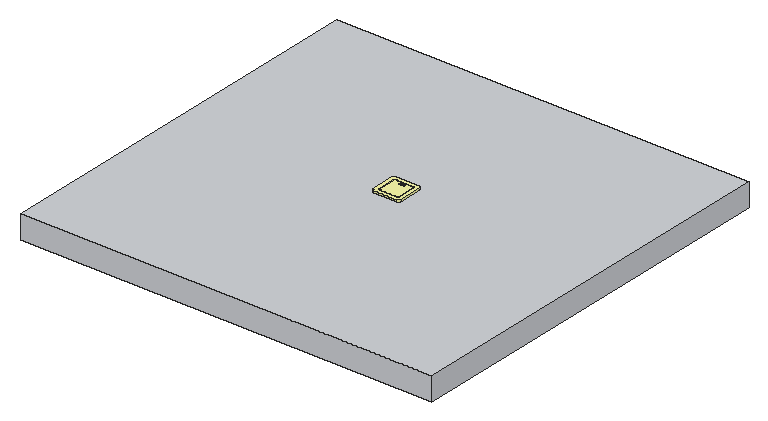
Revit family "ES_Radio Control Dimmer Switch", category Lighting Devices, host Face, Revit 2013
Parameters (values of type "1 Gang")
  Switch Voltage = 230 V
  Load Classification = Other
  Label = ""
  Default Elevation = 1200 mm
  Button = Button
  Assembly Code = ""
  Apparent Load = 0 VA
Reference planes
  plane 1 "Center (Front/Back)": y = 0
  plane 2: z = 0
  plane 3 "Center (Left/Right)": x = 0
  plane 4 "level above": z = 6
  plane 5 "level below": z = -53.975
  plane 6: x = -43
  plane 7: x = 43
  plane 8: y = 43
  plane 9: y = -43
  plane 10: y = 32
  plane 11: y = -32
  plane 12: x = -32
  plane 13: x = 32
  plane 14: x = -8
  plane 15: x = 8
  plane 16: y = 28
  plane 17: y = 20
Forms (mm)
  Extrusion 1, solid
    sketch origin (0, 0, 0) x (1, 0, 0) y (0, 1, 0)
      loop
        line (-644.525, 571.5) -> (-644.525, -666.75) -> (644.525, -666.75) -> (644.525, 571.5) -> (-644.525, 571.5)
    from 0 to -72.672
  Extrusion 2, solid, material "Face Plate"
    sketch origin (0, 0, 0) x (1, 0, 0) y (0, 1, 0)
      loop
        line (-37, -43) -> (37, -43)
        arc (37, -43) -> (41.243, -41.243) -> (43, -37) r 6
        line (43, -37) -> (43, 37)
        arc (43, 37) -> (41.243, 41.243) -> (37, 43) r 6
        line (37, 43) -> (-37, 43)
        arc (-37, 43) -> (-41.243, 41.243) -> (-43, 37) r 6
        line (-43, 37) -> (-43, -37)
        arc (-43, -37) -> (-41.243, -41.243) -> (-37, -43) r 6
    from 0 to 6
  Extrusion 3, void
    sketch origin (0, 0, 0) x (1, 0, 0) y (0, 1, 0)
      loop
        line (-27, -32) -> (27, -32)
        arc (27, -32) -> (30.536, -30.536) -> (32, -27) r 5
        line (32, -27) -> (32, 27)
        arc (32, 27) -> (30.536, 30.536) -> (27, 32) r 5
        line (27, 32) -> (-27, 32)
        arc (-27, 32) -> (-30.536, 30.536) -> (-32, 27) r 5
        line (-32, 27) -> (-32, -27)
        arc (-32, -27) -> (-30.536, -30.536) -> (-27, -32) r 5
      loop
        line (-27, -31) -> (27, -31)
        arc (27, -31) -> (29.828, -29.828) -> (31, -27) r 4
        line (31, -27) -> (31, 27)
        arc (31, 27) -> (29.828, 29.828) -> (27, 31) r 4
        line (27, 31) -> (-27, 31)
        arc (-27, 31) -> (-29.828, 29.828) -> (-31, 27) r 4
        line (-31, 27) -> (-31, -27)
        arc (-31, -27) -> (-29.828, -29.828) -> (-27, -31) r 4
    from 5 to 6
  Extrusion 4, void
    sketch origin (0, 0, 0) x (1, 0, 0) y (0, 1, 0)
      loop
        line (-8, 20) -> (8, 20) -> (8, 28) -> (-8, 28) -> (-8, 20)
    from 4 to 6
  Extrusion 5, solid, material "Button" <- "Button"
    sketch origin (0, 0, 0) x (1, 0, 0) y (0, 1, 0)
      loop
        line (-7, 21) -> (7, 21) -> (7, 27) -> (-7, 27) -> (-7, 21)
    from 4 to 6
Cuts and joins
  Extrusion 3, Extrusion 4 cuts Extrusion 2
Lines and regions (mm)
  symbolic lines, detail levels fine
    curve 1: line (19.05, 0, -53.975) -> (-19.41, 0, -53.975)
    curve 2: line (19.05, 0, 0) -> (19.05, 0, -53.975)
    curve 3: line (-19.41, 0, -53.975) -> (-19.41, 0, 0)
Dimensions and locks
  plane 4 "level above" to level = 6 mm
  locked: level to plane 5 "level below" at 53.975
  plane 6 to plane 3 "Center (Left/Right)" to plane 7 = 43 mm, 43 mm
  plane 6 to plane 7 = 86 mm
  plane 1 "Center (Front/Back)" to plane 9 = 43 mm
  plane 1 "Center (Front/Back)" to plane 8 = 43 mm
  plane 12 to plane 3 "Center (Left/Right)" to plane 13 = 32 mm, 32 mm
  plane 10 to plane 1 "Center (Front/Back)" to plane 11 = 32 mm, 32 mm
  plane 12 to plane 13 = 64 mm
  plane 10 to plane 11 = 64 mm
  aligned and locked: plane 2 to Extrusion 1
  aligned and locked: level to Extrusion 1
  aligned and locked: plane 4 "level above" to Extrusion 2
Nested families
  nested 1: "SW_RCDS" at (0, 0, 0), type "SW_RCDS"
Connectors
  electrical at (0, -47.625, -72.672)
    settings: on Extrusion 1, index 1, voltage 0 V, apparent load 0 VA, apparent load phase1 0 VA, apparent load phase2 0 VA, apparent load phase3 0 VA, power factor 1, load classification "Other", number of poles 1, system type 31, power factor state 1, is connector primary yes, connector utility no, sub classification motor no, connector description ""
Definition of nested family "SW_RCDS"
  Reference planes
    plane 1: y = 0
    plane 2: x = 0
  Lines and regions (mm)
    Filled region 1, type "Filled region 1"
      outline origin (0, 0, 0) x (1, 0, 0) y (0, 1, 0)
        loop
          circle (0, 0.837) r 0.85
    detail lines, style "Switch Symbols"
      curve 1: line (0, 0.837, 0) -> (3.157, 3.994, 0)
  Text (mm)
    text "P" at (-0.088, 3.445, 0)
